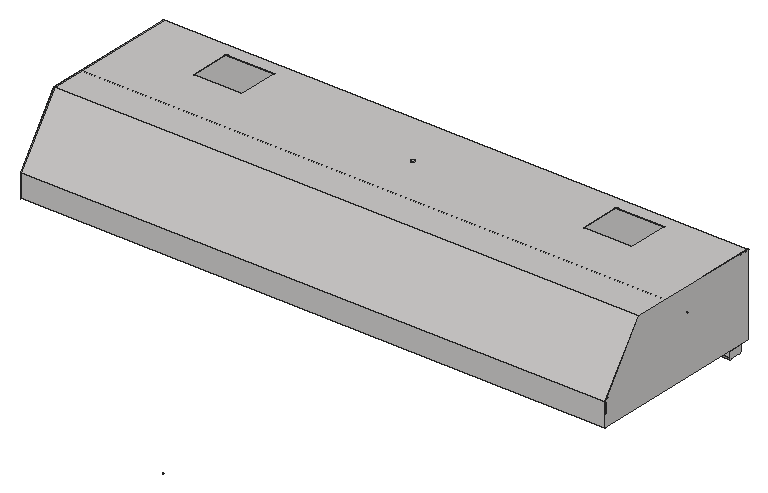
Revit family "QF_ELECTROLUXPROFESSIONAL_644226_ABPV1136BT", category Attrezzature speciali, Revit 2021
Family settings
  Quota connettore circolare = Usa diametro
  Tipo di parte = Normale
  Basato su piano di lavoro = No
  Sempre verticale = Sì
  Taglio con vuoti quando caricato = No
  Condiviso = No
  Punto di calcolo locali = No
Parameters (values of type "Standard")
  Weight = 116.00 kg
  Watts = 840 W
  Volts = 220 V
  URL Manufacturer = "https://www.electroluxprofessional.com/"
  URL = "https://www.electroluxprofessional.com/"
  Steam Supply Size = 0 mm
  Steam Supply Minimum Pressure = 0.0 Pa
  Steam Supply Maximum Pressure = 0.0 Pa
  Steam Consumption per Hour = 0
  Refrigeration Suction Line Size = 0 mm
  Refrigeration Liquid Line Size = 0 mm
  Refrigerant Compressor Remote = yes
  Prospetto di default = 0 mm
  Produttore = "Electrolux Professional"
  Phase = 1
  Modello = "ABPV1136BT"
  Length Actual = 3600 mm  # constant formula
  Item Number = "644226"
  Hot Water Size = 0 mm
  Height Actual = 500 mm  # constant formula
  HP = "1.1 HP"
  Gas Size = 0 mm
  Gas KW = 0
  Gas Input Pressure = 0 W
  Direct Waste Size = 0 mm
  Descrizione = "430 S/S WALL HOOD+FILTER+FAN 3600X1100MM"
  Depth Actual = 1100 mm  # constant formula
  Cycle = 50 Hz
  Condensate Return Size = 0 mm
  Compressed Air Volume = 0.0 L/s
  Compressed Air Size = 0 mm
  Compressed Air Pressure = 0.0 Pa
  Cold Water Size = 0 mm
  Accessory = yes
Reference planes
  plane 1 "Center (Front/Back)": y = 0
  plane 2: z = 0
  plane 3 "Center (Left/Right)": x = 150
  plane 4 "LEFT": x = -1650
  plane 5 "RIGHT": x = 1950
  plane 6 "BACK": y = 550
  plane 7 "FRONT": y = -550
  plane 8 "TOP": z = 2500
  plane 9 "Base": z = 2000
  plane 10: z = 1926
  plane 11 "DrainY": y = 485
  plane 12: x = -1647
  plane 13: through (0, 414.509, 2000.8) normal (0, 0.7314, 0.682)
  plane 14: y = 470
  plane 15: y = 220
  plane 16 "DrainX": x = 1830
  plane 17: x = -900
  plane 18: x = 1200
  plane 19: x = -1200
  plane 20: x = 1500
  plane 21: x = 1947
  plane 22: x = 1740
  plane 23: x = 1920
  plane 24: x = -1610
  plane 25: x = -1245
  plane 26: x = -850
  plane 27: x = 1910
  plane 28: x = 1545
  plane 29: x = 1150
  plane 30: x = -47.5
  plane 31: x = 347.5
  plane 32: z = 2140
  plane 33: y = -289.2
Forms (mm)
  Extrusion 1, solid, material "QF_Finishes_Stainless Steel"
    sketch origin (-1650, 0, 360) x (0, 1, 0) y (0, 0, 1)
      loop
        line (550, 1640) -> (550, 2140) -> (-289.2, 2140) -> (-550, 1780) -> (-550, 1640) -> (550, 1640)
    from 0 to 3
  Extrusion 2, solid, material "QF_Finishes_Stainless Steel"
    sketch origin (150, 0, 360) x (0, 1, 0) y (0, 0, 1)
      loop
        line (415.255, 1640) -> (550, 1640) -> (550, 2139.19) -> (549.2, 2139.19) -> (549.2, 1640.8) -> (415.876, 1640.8) -> (339.347, 1722.867) -> (349.609, 1732.436) -> (348.927, 1733.167) -> (337.934, 1722.917) -> (415.255, 1640)
      loop
        line (-82.203, 2139.19) -> (-82.203, 2118.6) -> (-31.047, 2118.6) -> (34.354, 2048.466) -> (46.028, 2059.352) -> (45.346, 2060.083) -> (34.403, 2049.879) -> (-30.612, 2119.6) -> (-81.203, 2119.6) -> (-81.203, 2139.19) -> (-82.203, 2139.19)
    from -1797 to 1797
  Extrusion 3, solid, material "QF_Finishes_Stainless Steel"
    sketch origin (1950, 0, 360) x (0, 1, 0) y (0, 0, 1)
      loop
        line (550, 1640) -> (550, 2140) -> (-289.2, 2140) -> (-550, 1780) -> (-550, 1640) -> (550, 1640)
    from 0 to -3
  Extrusion 4, solid, material "QF_Finishes_Stainless Steel"
    sketch origin (150, 0, 360) x (0, 1, 0) y (0, 0, 1)
      loop
        line (550, 2139.19) -> (550, 2140) -> (-289.2, 2140) -> (-550, 1780) -> (-550, 1640) -> (-549.2, 1640) -> (-549.2, 1779.741) -> (-288.799, 2139.19) -> (550, 2139.19)
    from -1800 to 1800
  Extrusion 5, solid, material "QF_Finishes_Stainless Steel"
    sketch origin (150, 0, 360) x (0, 1, 0) y (0, 0, 1)
      loop
        line (534, 1640) -> (436, 1640) -> (436, 1627) -> (443.5, 1627) -> (443.5, 1576)
        arc (443.5, 1576) -> (446.429, 1568.929) -> (453.5, 1566) r 10
        line (453.5, 1566) -> (516.5, 1566)
        arc (516.5, 1566) -> (523.571, 1568.929) -> (526.5, 1576) r 10
        line (526.5, 1576) -> (526.5, 1627) -> (534, 1627) -> (534, 1640)
    from 1590 to 1770
  Extrusion 6, solid, material "QF_Finishes_Stainless Steel"
    sketch origin (0, 0, 2000) x (0, 1, 0) y (-1, 0, 0)
      loop
        circle (485, -1830) r 20
    from -76 to -74
  Extrusion 7, solid, material "QF_Finished_Chrome"
    sketch origin (150, 0, 360) x (0, 1, 0) y (0, 0, 1)
      loop
        line (337.934, 1722.917) -> (341.591, 1726.327) -> (38.011, 2051.876) -> (34.354, 2048.466) -> (337.934, 1722.917)
    from -1395 to -1760
  Extrusion 8, solid, material "QF_Finished_Chrome"
    sketch origin (150, 0, 360) x (0, 1, 0) y (0, 0, 1)
      loop
        line (337.934, 1722.917) -> (341.591, 1726.327) -> (38.011, 2051.876) -> (34.354, 2048.466) -> (337.934, 1722.917)
    from -197.5 to -1000
  Extrusion 9, solid, material "QF_Finishes_Stainless Steel"
    sketch origin (150, 0, 360) x (0, 1, 0) y (0, 0, 1)
      loop
        line (337.934, 1722.917) -> (341.591, 1726.327) -> (38.011, 2051.876) -> (34.354, 2048.466) -> (337.934, 1722.917)
    from 1797 to 1760
  Extrusion 10, solid, material "QF_Finishes_Stainless Steel"
    sketch origin (150, 0, 360) x (0, 1, 0) y (0, 0, 1)
      loop
        line (341.588, 1726.324) -> (38.009, 2051.874) -> (34.354, 2048.466) -> (337.934, 1722.917) -> (341.588, 1726.324)
    from -1395 to -1000
  Extrusion 11, solid, material "QF_Finished_Chrome"
    sketch origin (150, 0, 360) x (0, 1, 0) y (0, 0, 1)
      loop
        line (341.588, 1726.324) -> (38.009, 2051.874) -> (34.354, 2048.466) -> (337.934, 1722.917) -> (341.588, 1726.324)
    from 1395 to 1760
  Extrusion 12, void
    sketch origin (0, 0, 2500) x (0, 1, 0) y (-1, 0, 0)
      loop
        line (470, 1200) -> (220, 1200) -> (220, 900) -> (470, 900) -> (470, 1200)
    from 0 to -10
  Extrusion 13, void
    sketch origin (940, 0, 2500) x (0, 1, 0) y (-1, 0, 0)
      loop
        line (470, -260) -> (220, -260) -> (220, -560) -> (470, -560) -> (470, -260)
    from 0 to -10
  Extrusion 14, solid, material "QF_Finishes_Stainless Steel"
    sketch origin (0, 0, 0) x (1, 0, 0) y (0, 1, 0)
      loop
        line (-1650, 550) -> (-1650, 549) -> (-1649, 549) -> (-1649, 550) -> (-1650, 550)
    from 0 to 1
  Extrusion 15, solid, material "QF_Finishes_Stainless Steel"
    sketch origin (150, 0, 360) x (0, 1, 0) y (0, 0, 1)
      loop
        line (337.934, 1722.917) -> (341.591, 1726.327) -> (38.011, 2051.876) -> (34.354, 2048.466) -> (337.934, 1722.917)
    from -1760 to -1797
  Extrusion 16, solid, material "QF_Finishes_Stainless Steel"
    sketch origin (150, 0, 360) x (0, 1, 0) y (0, 0, -1)
      loop
        line (341.588, -1726.324) -> (337.934, -1722.917) -> (34.354, -2048.466) -> (38.009, -2051.874) -> (341.588, -1726.324)
    from -1395 to -1000
  Extrusion 17, solid, material "QF_Finished_Chrome"
    sketch origin (150, 0, 360) x (0, 1, 0) y (0, 0, 1)
      loop
        line (337.934, 1722.917) -> (341.591, 1726.327) -> (38.011, 2051.876) -> (34.354, 2048.466) -> (337.934, 1722.917)
    from 1000 to 197.5
  Extrusion 18, solid, material "QF_Finishes_Stainless Steel"
    sketch origin (150, 0, 360) x (0, 1, 0) y (0, 0, -1)
      loop
        line (341.588, -1726.324) -> (337.934, -1722.917) -> (34.354, -2048.466) -> (38.009, -2051.874) -> (341.588, -1726.324)
    from -197.5 to 197.5
  Extrusion 19, solid, material "QF_Finishes_Stainless Steel"
    sketch origin (0, 0, 2500) x (0, 1, 0) y (-1, 0, 0)
      loop
        circle (220, -150) r 10
    from 0 to 1.6
Cuts and joins
  Extrusion 12, Extrusion 13 cuts Extrusion 4
  joined: Extrusion 2, Extrusion 4
Lines and regions (mm)
  reference lines
    curve 1: line (150, 34.354, 2408.466) -> (150, 34.354, 2248.466)
  symbolic lines, style "SpecialityEquipment", detail levels coarse
    curve 2: line (1950, 550, 2500) -> (-1650, 550, 2500)
    curve 3: line (-1650, 550, 2500) -> (-1650, -550, 2500)
    curve 4: line (1950, -550, 2500) -> (1950, 550, 2500)
    curve 5: line (-1650, -550, 2500) -> (1950, -550, 2500)
    curve 6: line (-1200, 220, 2500) -> (-900, 220, 2500)
    curve 7: line (-1200, 470, 2500) -> (-1200, 220, 2500)
    curve 8: line (-900, 470, 2500) -> (-1200, 470, 2500)
    curve 9: line (-900, 220, 2500) -> (-900, 470, 2500)
    curve 10: line (1200, 470, 2500) -> (1200, 220, 2500)
    curve 11: line (1200, 220, 2500) -> (1500, 220, 2500)
    curve 12: line (1500, 470, 2500) -> (1200, 470, 2500)
    curve 13: line (1500, 220, 2500) -> (1500, 470, 2500)
    curve 14: line (-1650, -289.2, 0) -> (1950, -289.2, 0)
    curve 15: line (-1650, 550, 0) -> (1950, -289.2, 0)
    curve 16: line (1950, 550, 0) -> (-1650, -289.2, 0)
Dimensions and locks
  plane 4 "LEFT" to plane 5 "RIGHT" = 3600 mm
  equal spacing: plane 4 "LEFT", plane 3 "Center (Left/Right)", plane 5 "RIGHT"
  locked: plane 8 "TOP" to plane 9 "Base" at 500
  plane 9 "Base" to plane 10 = 74 mm
  plane 6 "BACK" to plane 11 "DrainY" = 65 mm  (x2)
  plane 4 "LEFT" to plane 12 = 3 mm
  plane 6 "BACK" to plane 14 = 80 mm
  plane 14 to plane 15 = 250 mm  (x2)
  plane 16 "DrainX" to plane 5 "RIGHT" = 120 mm
  locked: plane 17 to plane 18 at 2100
  equal spacing: plane 17, plane 3 "Center (Left/Right)", plane 18
  plane 19 to plane 17 = 300 mm
  plane 18 to plane 20 = 300 mm
  plane 21 to plane 5 "RIGHT" = 3 mm
  locked: plane 22 to plane 16 "DrainX" at 90
  locked: plane 16 "DrainX" to plane 23 at 90
  plane 6 "BACK" to plane 7 "FRONT" = 1100 mm  (x2)
  equal spacing: plane 6 "BACK", plane 1 "Center (Front/Back)", plane 7 "FRONT"
  plane 15 to plane 7 "FRONT" = 770 mm
  plane 14 to plane 6 "BACK" = 80 mm
  locked: plane 4 "LEFT" to plane 24 at 40
  locked: plane 24 to plane 25 at 365
  locked: plane 25 to plane 26 at 395
  locked: plane 27 to plane 28 at 365
  locked: plane 28 to plane 29 at 395
  locked: plane 27 to plane 5 "RIGHT" at 40
  locked: plane 30 to plane 31 at 395
  equal spacing: plane 30, plane 3 "Center (Left/Right)", plane 31
  plane 26 to plane 30 = 802.5 mm
  plane 31 to plane 29 = 802.5 mm
  plane 33 to plane 7 "FRONT" = 260.8 mm
  plane 32 to plane 9 "Base" = 140 mm
  locked: plane 9 "Base" to level at 2000
  aligned and locked: level to plane 2
  aligned and locked: Extrusion 2 to Extrusion 1
  aligned and locked: Extrusion 2 to Extrusion 3
  aligned and locked: plane 5 "RIGHT" to Extrusion 4
  aligned and locked: Extrusion 4 to plane 4 "LEFT"
  aligned and locked: plane 21 to Extrusion 9
  aligned and locked: plane 19 to Extrusion 12
  aligned and locked: Extrusion 12 to plane 17
  aligned and locked: Extrusion 12 to plane 15
  aligned and locked: Extrusion 12 to plane 14
  aligned and locked: Extrusion 13 to plane 20
  aligned and locked: plane 18 to Extrusion 13
  aligned and locked: plane 23 to Extrusion 5
  aligned and locked: Extrusion 5 to plane 22
  aligned and locked: Extrusion 9 to plane 27
  aligned and locked: Extrusion 11 to plane 27
  aligned and locked: Extrusion 11 to plane 28
  aligned and locked: Extrusion 8 to plane 26
  aligned and locked: plane 26 to Extrusion 10
  aligned and locked: Extrusion 10 to plane 25
  aligned and locked: plane 25 to Extrusion 7
  aligned and locked: Extrusion 7 to plane 24
  aligned and locked: Extrusion 15 to plane 12
  aligned and locked: plane 24 to Extrusion 15
  aligned and locked: Extrusion 16 to plane 29
  aligned and locked: Extrusion 16 to plane 28
  aligned and locked: Extrusion 3 to plane 21
  aligned and locked: plane 30 to Extrusion 8
  aligned and locked: Extrusion 17 to plane 29
  aligned and locked: Extrusion 17 to plane 31
  aligned and locked: plane 31 to Extrusion 18
  aligned and locked: Extrusion 18 to plane 30
Automatic sketch dimensions
  curve 5 to plane 4 "LEFT" = 0 mm
  curve 5 to plane 7 "FRONT" = 0 mm
  curve 9 to plane 15 = 0 mm
  curve 10 to plane 15 = 0 mm
  plane 14 to curve 8 = 0 mm
  plane 14 to curve 12 = 0 mm
  curve 3 to plane 6 "BACK" = 0 mm
  curve 5 to plane 5 "RIGHT" = 0 mm
  curve 11 to plane 20 = 0 mm
  curve 10 to plane 18 = 0 mm
  curve 6 to plane 17 = 0 mm
  curve 6 to plane 19 = 0 mm
  Extrusion 2 sketch curve to plane 13 = 0 mm  (x3)
  Extrusion 2 sketch curve to plane 9 "Base" = 0 mm
  plane 13 to Extrusion 2 sketch curve = 0 mm
  Extrusion 2 sketch curve to plane 6 "BACK" = 0 mm
  Extrusion 2 sketch curve to Extrusion 2 sketch curve = 65.646 mm
  Extrusion 2 sketch curve to Extrusion 2 sketch curve = 0.682 mm  (x2)
  Extrusion 2 sketch curve to Extrusion 2 sketch curve = 10.261 mm
  plane 9 "Base" to Extrusion 2 sketch curve = 82.917 mm
  Extrusion 2 sketch curve to plane 1 "Center (Front/Back)" = 46.028 mm
  Extrusion 2 sketch curve to Extrusion 2 sketch curve = 10.942 mm
  Extrusion 2 sketch curve to Extrusion 2 sketch curve = 0.049 mm
  Extrusion 2 sketch curve to plane 8 "TOP" = 20.4 mm
  Extrusion 2 sketch curve to plane 8 "TOP" = 21.4 mm
  Extrusion 2 sketch curve to plane 8 "TOP" = 0.81 mm  (x2)
  Extrusion 2 sketch curve to Extrusion 2 sketch curve = 50.156 mm
  Extrusion 2 sketch curve to Extrusion 2 sketch curve = 1 mm
  plane 9 "Base" to Extrusion 2 sketch curve = 0.8 mm
  Extrusion 2 sketch curve to plane 6 "BACK" = 0.8 mm
  Extrusion 3 sketch curve to plane 6 "BACK" = 0 mm
  curve 1 to plane 13 = 0 mm
  curve 1 to plane 1 "Center (Front/Back)" = 34.354 mm
  Extrusion 5 sketch curve to plane 9 "Base" = 0 mm
  Extrusion 5 sketch curve to plane 10 = 0 mm
  Extrusion 5 sketch curve to plane 9 "Base" = 13 mm  (x2)
  plane 14 to Extrusion 5 sketch curve = 34 mm
  Extrusion 5 sketch curve to Extrusion 5 sketch curve = 7.5 mm  (x2)
  Extrusion 5 sketch curve to Extrusion 5 sketch curve = 10 mm
  plane 11 "DrainY" to Extrusion 5 sketch curve = 31.5 mm
  Extrusion 5 sketch curve to plane 6 "BACK" = 23.5 mm
  Extrusion 6 sketch curve to plane 11 "DrainY" = 0 mm
  Extrusion 6 sketch curve to plane 16 "DrainX" = 0 mm
  Extrusion 7 sketch curve to plane 13 = 0 mm  (x2)
  Extrusion 7 sketch curve to plane 1 "Center (Front/Back)" = 34.354 mm
  Extrusion 7 sketch curve to Extrusion 7 sketch curve = 3.657 mm
  plane 9 "Base" to Extrusion 7 sketch curve = 82.917 mm
  Extrusion 8 sketch curve to plane 13 = 0 mm  (x2)
  Extrusion 8 sketch curve to plane 1 "Center (Front/Back)" = 34.354 mm
  Extrusion 8 sketch curve to Extrusion 8 sketch curve = 3.657 mm
  plane 9 "Base" to Extrusion 8 sketch curve = 82.917 mm
  Extrusion 9 sketch curve to plane 13 = 0 mm  (x2)
  Extrusion 9 sketch curve to plane 1 "Center (Front/Back)" = 34.354 mm
  Extrusion 9 sketch curve to Extrusion 9 sketch curve = 3.657 mm
  plane 9 "Base" to Extrusion 9 sketch curve = 82.917 mm
  Extrusion 10 sketch curve to plane 13 = 0 mm  (x2)
  Extrusion 10 sketch curve to plane 1 "Center (Front/Back)" = 34.354 mm
  Extrusion 10 sketch curve to Extrusion 10 sketch curve = 3.655 mm
  plane 9 "Base" to Extrusion 10 sketch curve = 82.917 mm
  Extrusion 11 sketch curve to plane 13 = 0 mm  (x2)
  Extrusion 11 sketch curve to plane 1 "Center (Front/Back)" = 34.354 mm
  Extrusion 11 sketch curve to Extrusion 11 sketch curve = 3.655 mm
  plane 9 "Base" to Extrusion 11 sketch curve = 82.917 mm
  Extrusion 12 sketch curve to plane 15 = 0 mm
  plane 14 to Extrusion 12 sketch curve = 0 mm
  Extrusion 12 sketch curve to plane 17 = 0 mm
  Extrusion 12 sketch curve to plane 19 = 0 mm
  Extrusion 13 sketch curve to plane 15 = 0 mm
  plane 14 to Extrusion 13 sketch curve = 0 mm
  Extrusion 13 sketch curve to plane 20 = 0 mm
  Extrusion 13 sketch curve to plane 18 = 0 mm
  Extrusion 14 sketch curve to plane 4 "LEFT" = 0 mm
  Extrusion 14 sketch curve to plane 6 "BACK" = 0 mm
  plane 4 "LEFT" to Extrusion 14 sketch curve = 1 mm
  Extrusion 14 sketch curve to Extrusion 14 sketch curve = 1 mm
  Extrusion 15 sketch curve to plane 13 = 0 mm  (x2)
  Extrusion 15 sketch curve to plane 1 "Center (Front/Back)" = 34.354 mm
  Extrusion 15 sketch curve to Extrusion 15 sketch curve = 3.657 mm
  plane 9 "Base" to Extrusion 15 sketch curve = 82.917 mm
  Extrusion 16 sketch curve to plane 13 = 0 mm  (x2)
  Extrusion 16 sketch curve to plane 1 "Center (Front/Back)" = 34.354 mm
  Extrusion 16 sketch curve to Extrusion 16 sketch curve = 3.655 mm
  plane 9 "Base" to Extrusion 16 sketch curve = 82.917 mm
  Extrusion 17 sketch curve to plane 13 = 0 mm  (x2)
  Extrusion 17 sketch curve to plane 1 "Center (Front/Back)" = 34.354 mm
  Extrusion 17 sketch curve to Extrusion 17 sketch curve = 3.657 mm
  plane 9 "Base" to Extrusion 17 sketch curve = 82.917 mm
  Extrusion 18 sketch curve to plane 13 = 0 mm  (x2)
  Extrusion 18 sketch curve to plane 1 "Center (Front/Back)" = 34.354 mm
  Extrusion 18 sketch curve to Extrusion 18 sketch curve = 3.655 mm
  plane 9 "Base" to Extrusion 18 sketch curve = 82.917 mm
  curve 1 to curve 1 = 160 mm
  Extrusion 4 sketch curve to plane 7 "FRONT" = 0 mm
  Extrusion 4 sketch curve to plane 8 "TOP" = 0 mm
  Extrusion 4 sketch curve to plane 33 = 0 mm
  Extrusion 4 sketch curve to plane 6 "BACK" = 0 mm
  Extrusion 4 sketch curve to plane 9 "Base" = 0 mm
  Extrusion 4 sketch curve to plane 32 = 0 mm
  Extrusion 4 sketch curve to plane 32 = 0.259 mm
  plane 7 "FRONT" to Extrusion 4 sketch curve = 0.8 mm
  Extrusion 4 sketch curve to Extrusion 4 sketch curve = 0.81 mm
  Extrusion 4 sketch curve to plane 33 = 0.401 mm
  Extrusion 1 sketch curve to plane 7 "FRONT" = 0 mm
  Extrusion 1 sketch curve to plane 8 "TOP" = 0 mm
  Extrusion 1 sketch curve to plane 33 = 0 mm
  Extrusion 1 sketch curve to plane 6 "BACK" = 0 mm
  Extrusion 1 sketch curve to plane 9 "Base" = 0 mm
  Extrusion 1 sketch curve to plane 32 = 0 mm
  Extrusion 3 sketch curve to plane 7 "FRONT" = 0 mm
  Extrusion 3 sketch curve to plane 33 = 0 mm
  Extrusion 3 sketch curve to plane 32 = 0 mm
  Extrusion 3 sketch curve to plane 9 "Base" = 0 mm
  Extrusion 3 sketch curve to plane 8 "TOP" = 0 mm
  curve 15 to plane 4 "LEFT" = 0 mm
  curve 14 to plane 4 "LEFT" = 0 mm
  curve 16 to plane 5 "RIGHT" = 0 mm
  curve 15 to plane 5 "RIGHT" = 0 mm
  plane 33 to curve 14 = 0 mm
  curve 16 to plane 6 "BACK" = 0 mm
  curve 15 to plane 6 "BACK" = 0 mm
  Extrusion 19 sketch curve to plane 3 "Center (Left/Right)" = 0 mm
  Extrusion 19 sketch curve to plane 15 = 0 mm
  radius of Extrusion 6 sketch curve = 20 mm
  radius of Extrusion 19 sketch curve = 10 mm
Connectors
  piping at (1830, 485, 1924), diameter 20
    settings: on Extrusion 6, index 1, connector inside diameter 609.6 mm, connector length 0 mm, flow factor 0, pipe flow 0.0 L/s, pressure drop 0.0 Pa, fitting loss kfactor 0, connector angle 0.00°, fixture units 0, engagement length 0 mm, angle of deflection 0.00°, flow configuration 1, flow direction 2, fitting loss method 0, system type 16, joint type 0, gender type 0, connector reference index -1, connector utility 0, adjustable connector no, is connector primary yes, connector description "Drain"
  hvac at (-1050, 345, 2500)
    settings: on Extrusion 12, index 2, duct flow 0.0 L/s, flow factor 0, pres drop 0.0 Pa, loss coef 0, conn angle 0.00°, conn width 250 mm, conn height 300 mm, conn diameter 609.6 mm, duct sys type 3, conn prof type 1, flow config 1, flow direction 0, loss method 0, conn ref index -1, conn util no, is conn primary yes, conn desc "EXHAUST OUTLET"
  hvac at (1350, 345, 2500)
    settings: on Extrusion 13, index 3, duct flow 0.0 L/s, flow factor 0, pres drop 0.0 Pa, loss coef 0, conn angle 0.00°, conn width 250 mm, conn height 300 mm, conn diameter 609.6 mm, duct sys type 3, conn prof type 1, flow config 1, flow direction 2, loss method 0, conn ref index -1, conn util no, is conn primary no, conn desc "EXHAUST OUTLET"
  electrical at (150, 220, 2501.6), driven by "Volts"
    settings: on Extrusion 19, index 4, voltage 220 V, apparent load 0 VA, apparent load phase1 0 VA, apparent load phase2 0 VA, apparent load phase3 0 VA, power factor 1, load classification "Other", number of poles 1, system type 30, power factor state 1, is connector primary yes, connector utility no, sub classification motor no, connector description "Electrical Connection"
